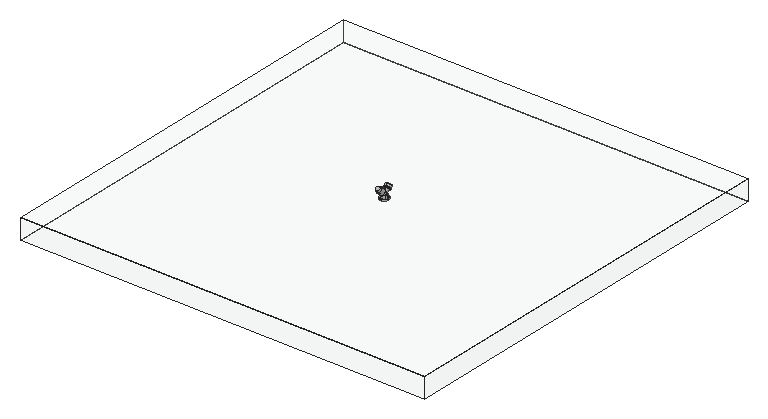
Revit family
Parameters (values of type "24P-3/4"")
  Weight Lbs = 1
  Waste Connection = no
  Wall Flange Diameter = 0' - 2"
  Vent Connection = no
  URL = "http://www.woodfordmfg.com/woodford/Wall_Hyd_Pages/model-24.html"
  Single Check Vacuum Breaker = "ASSE 1011"
  Polished Brass (PB) (Optional) = ""
  Overall Faucet length = 0' - 3"
  Overall Faucet Height = 0' - 4"
  Outlet = "3/4\" Male Hose Thread"
  Model = "24P-3/4"
  Max Temperature = "120º -F"
  Max Pressure = 125.00 psi
  Manufacturer = "Woodford Manufacturing Company"
  Inlets = "3/4\" Female Pipe Thread"
  HW Connection = yes
  GPM = "13.8 @ 100 psi"
  Default Elevation = 4' - 0"
  Clear Polycarbonate Handle Standard = ""
  Chrome (Standard) = ""
  Catalog Sheet = "http://www.woodfordmfg.com/woodford/Wall_Hyd_PDF/24CATALOG.pdf"
  CW Connection = yes
  Brass Head Casting & Internal Parts = ""
  Brass (BR) (Optional) = ""
  Assembly Code = ""
Types (2): name | URL | Model | Inlets
  24P-1/2 | "http://www.woodfordmfg.com/woodford/Wall_Hydrant_Pages/model-24.html" | "24P-1/2" | "1/2\" Female Pipe Thread"
  24P-3/4" | "http://www.woodfordmfg.com/woodford/Wall_Hyd_Pages/model-24.html" | "24P-3/4" | "3/4\" Female Pipe Thread"
Reference planes (in)
  plane 1 "Center (Front/Back)": y = 0
  plane 2: z = 0
  plane 3 "Center (Left/Right)": x = 0
  plane 4 "Wall": z = 0
  plane 5 "Housing Base": z = 0.15625
  plane 6 "Transition": z = 0.78125
  plane 7 "Top Transition": z = 0.90625
  plane 8: z = 1.40625
  plane 9: through (0, -0.92023, 3.62582) normal (0, -0.7071, 0.7071)
  plane 10: through (0, -0.74345, 3.44904) normal (0, -0.7071, 0.7071)
  plane 11: through (0, -0.65506, 3.36065) normal (0, -0.7071, 0.7071)
  plane 12: through (0, 0.05204, 2.65355) normal (0, -0.7071, 0.7071)
  plane 13: through (0, 0.75915, 1.94644) normal (0, -0.7071, 0.7071)
  plane 14: through (0, 0.1136, 2.61606) normal (0, -0.7071, -0.7071)
  plane 15: through (0, 0.02521, 2.52768) normal (0, -0.7071, -0.7071)
  plane 16: through (0, -0.6819, 1.82057) normal (0, -0.7071, -0.7071)
  plane 17: z = 9
  plane 18: x = -2.68045
  plane 19: x = 2.68045
Forms (in)
  Extrusion 1, solid, material "Glass"
    sketch origin (0, 0, 0) x (1, 0, 0) y (0, 1, 0)
      loop
        line (-48, 48) -> (-48, -48) -> (48, -48) -> (48, 48) -> (-48, 48)
    from 0 to -4.92093
  Extrusion 2, solid, material "Chrome", detail levels fine
    sketch origin (0, 0, 0) x (-1, 0, 0) y (0, -1, 0)
      loop
        arc (-0.98921, -0.14648) -> (0, -1) -> (0.98921, -0.14648) r 1
        line (0.98921, -0.14648) -> (0.88936, -0.14648)
        arc (0.88936, -0.14648) -> (0.74288, 0) -> (0.88936, 0.14648) r 0.14648
        line (0.88936, 0.14648) -> (0.98921, 0.14648)
        arc (0.98921, 0.14648) -> (0, 1) -> (-0.98921, 0.14648) r 1
        line (-0.98921, 0.14648) -> (-0.88936, 0.14648)
        arc (-0.88936, 0.14648) -> (-0.74288, 0) -> (-0.88936, -0.14648) r 0.14648
        line (-0.88936, -0.14648) -> (-0.98921, -0.14648)
    from 0 to 0.15625
  Extrusion 3, solid, material "Chrome", detail levels fine
    sketch origin (0, 0, 0.15625) x (-1, 0, 0) y (0, -1, 0)
      loop
        arc (0.63103, 0.375) -> (0, 0.56056) -> (-0.63103, 0.375) r 1.16573
        line (-0.63103, 0.375) -> (-0.63103, 0) -> (-0.63103, -0.375)
        arc (-0.63103, -0.375) -> (0, -0.56056) -> (0.63103, -0.375) r 1.16573
        line (0.63103, -0.375) -> (0.63103, 0) -> (0.63103, 0.375)
    from 0 to 0.625
  Extrusion 4, solid, material "Chrome", detail levels fine
    sketch origin (0, 0, 0.78125) x (-1, 0, 0) y (0, -1, 0)
      loop
        circle (0, 0) r 0.54943
    from 0 to 0.125
  Blend 5, solid, material "Chrome", detail levels fine
    base sketch origin (0, 0, 0.90625) x (-1, 0, 0) y (0, -1, 0)
      loop
        circle (0, 0) r 0.54943
    top sketch origin (0, 0, 0.90625) x (-1, 0, 0) y (0, -1, 0)
      loop
        circle (0, 0) r 0.36063
    from 0 to 0.5
  Sweep 6, solid, material "Chrome", detail levels fine
    path origin (0, -0.26979, 0.05792) x (0, 0.965926, -0.258819) y (0, 0.258819, 0.965926)
      loop
        line (0.08507, 1.0536) -> (0.58507, 1.91963)
    profile origin (0, 0.43863, 1.40715) x (0, -0.707107, 0.707107) y (1, 0, 0)
      loop
        circle (0, 0) r 0.4375
  Sweep 7, solid, material "Chrome", detail levels fine
    path origin (0, 0.27716, 0.06358) x (0, -0.965926, -0.258819) y (0, 0.258819, -0.965926)
      loop
        line (0.10287, -1.08442) -> (0.60287, -1.95045)
    profile origin (0, -0.45642, 1.43798) x (0, -0.707107, -0.707107) y (1, 0, 0)
      loop
        circle (0, 0) r 0.43677
  Sweep 8, solid, material "Chrome", detail levels fine
    path origin (0, 0.27716, 0.06358) x (0, 0.965926, 0.258819) y (0, -0.258819, 0.965926)
      loop
        line (-0.60287, 1.95045) -> (-1.10287, 2.81647)
    profile origin (0, -1.16353, 2.14508) x (0, -0.707107, -0.707107) y (1, 0, 0)
      loop
        circle (0, 0) r 0.625
  Sweep 9, solid, material "Chrome", detail levels fine
    path origin (0, 0.27716, 0.06358) x (0, 0.965926, 0.258819) y (0, -0.258819, 0.965926)
      loop
        line (-1.10287, 2.81647) -> (-1.16537, 2.92473)
    profile origin (0, -1.56128, 2.54283) x (0, -0.707107, -0.707107) y (1, 0, 0)
      loop
        circle (-0.02304, 0) r 0.375
  Sweep 10, solid, material "Chrome", detail levels fine
    path origin (0, 0.27716, 0.06358) x (0, 0.965926, 0.258819) y (0, -0.258819, 0.965926)
      loop
        line (-1.16537, 2.92473) -> (-1.29037, 3.14123)
    profile origin (0, -1.69386, 2.67541) x (0, -0.707107, -0.707107) y (1, 0, 0)
      loop
        circle (0, 0) r 0.5
  Sweep 11, solid, detail levels fine
    path origin (0, -0.26979, 0.05792) x (0, 0.965926, -0.258819) y (0, 0.258819, 0.965926)
      loop
        line (0.58507, 1.91963) -> (0.64757, 2.02788)
    profile origin (0, 0.83637, 1.8049) x (0, -0.707107, 0.707107) y (1, 0, 0)
      loop
        circle (0, 0) r 0.25
  Revolve 12, solid, material "Chrome"
    sketch origin (0, 0, 0) x (0, 1, 0) y (0, 0, 1)
      loop
        line (1.4109, 2.37943) -> (0.88057, 1.8491) -> (1.4109, 1.31877) -> (1.46162, 1.36949) -> (1.42263, 1.40848) -> (1.7674, 1.84977) -> (1.7674, 2.02292) -> (1.4109, 2.37943)
      axis (1.4109, 2.37943) -> (0.88057, 1.8491)
    angle from 0 to 360
Lines and regions (in)
  reference lines
    curve 1: line (0, 0.08507, 1.0536) -> (0, 2.29644, 3.26497)
    curve 2: line (0, -0.10287, 1.08442) -> (0, -2.40097, 3.38252)
  model lines, detail levels coarse+medium
    curve 3: line (0, 0, 0) -> (0, 0, 9)
    curve 4: line (-2.68045, 0, 7) -> (0, 0, 7)
    curve 5: line (2.68045, 0, 7) -> (0, 0, 7)
Dimensions and locks (in)
  plane 4 "Wall" to Extrusion 1 = 0' - 0"
  equal spacing: plane 18, plane 3 "Center (Left/Right)", plane 19
  plane 18 to plane 19 = 0' - 5.36091"
  plane 17 to level = 0' - 9"
  curve 4 to level = 0' - 7"
  curve 5 to level = 0' - 7"
  aligned and locked: plane 2 to Extrusion 1
  aligned and locked: level to Extrusion 1
  aligned and locked: plane 5 "Housing Base" to Extrusion 2
  aligned and locked: plane 6 "Transition" to Extrusion 3
  aligned and locked: plane 7 "Top Transition" to Extrusion 4
  aligned and locked: plane 8 to Blend 5
  aligned and locked: Revolve 12 sketch curve to curve 1  (x2)
Automatic sketch dimensions
  plane 18 to curve 4 = 0' - 0"
  curve 3 to plane 3 "Center (Left/Right)" = 0' - 0"
  plane 19 to curve 5 = 0' - 0"
  curve 3 to level = 0' - 0"
  curve 3 to plane 17 = 0' - 0"
  Extrusion 1 sketch curve to Extrusion 1 sketch curve = 8' - 0"  (x2)
  Extrusion 2 sketch curve to Extrusion 2 sketch curve = 0' - 0"  (x2)
  plane 1 "Center (Front/Back)" to Extrusion 2 sketch curve = 0' - 0"  (x3)
  Extrusion 2 sketch curve to plane 3 "Center (Left/Right)" = 0' - 0"
  Extrusion 2 sketch curve to plane 1 "Center (Front/Back)" = 0' - 0.14648"
  plane 3 "Center (Left/Right)" to Extrusion 2 sketch curve = 0' - 0.88936"
  Extrusion 2 sketch curve to Extrusion 2 sketch curve = 0' - 0.09986"  (x3)
  plane 1 "Center (Front/Back)" to Extrusion 2 sketch curve = 0' - 0.14648"
  plane 1 "Center (Front/Back)" to Extrusion 3 sketch curve = 0' - 0"  (x2)
  Extrusion 3 sketch curve to plane 3 "Center (Left/Right)" = 0' - 0"  (x2)
  plane 1 "Center (Front/Back)" to Extrusion 3 sketch curve = 0' - 0 3/8"
  plane 3 "Center (Left/Right)" to Extrusion 3 sketch curve = 0' - 0.63103"
  Extrusion 3 sketch curve to plane 3 "Center (Left/Right)" = 0' - 0.63103"
  Extrusion 3 sketch curve to plane 1 "Center (Front/Back)" = 0' - 0 3/8"
  Extrusion 3 sketch curve to plane 1 "Center (Front/Back)" = 0' - 0.60517"
  plane 1 "Center (Front/Back)" to Extrusion 3 sketch curve = 0' - 0.60517"
  plane 1 "Center (Front/Back)" to Extrusion 4 sketch curve = 0' - 0"
  Extrusion 4 sketch curve to plane 3 "Center (Left/Right)" = 0' - 0"
  plane 1 "Center (Front/Back)" to Blend 5 sketch curve = 0' - 0"  (x2)
  Blend 5 sketch curve to plane 3 "Center (Left/Right)" = 0' - 0"  (x2)
  plane 16 to Sweep 6 sketch curve = 0' - 0"
  plane 15 to Sweep 6 sketch curve = 0' - 0"
  Sweep 6 sketch curve to plane 1 "Center (Front/Back)" = 0' - 0.08507"
  Sweep 6 sketch curve to Sweep 6 sketch curve = 0' - 0 1/2"
  Sweep 6 sketch curve to profile plane = 0' - 0"  (x2)
  Sweep 7 sketch curve to plane 13 = 0' - 0"
  Sweep 7 sketch curve to plane 12 = 0' - 0"
  plane 1 "Center (Front/Back)" to Sweep 7 sketch curve = 0' - 0.10287"
  Sweep 7 sketch curve to Sweep 7 sketch curve = 0' - 0 1/2"
  Sweep 7 sketch curve to profile plane = 0' - 0"  (x2)
  Sweep 8 sketch curve to plane 11 = 0' - 0"
  Sweep 8 sketch curve to plane 12 = 0' - 0"
  plane 16 to Sweep 8 sketch curve = 0' - 0.1111"
  Sweep 8 sketch curve to Sweep 8 sketch curve = 0' - 0 1/2"
  Sweep 8 sketch curve to profile plane = 0' - 0"  (x2)
  Sweep 9 sketch curve to plane 10 = 0' - 0"
  Sweep 9 sketch curve to plane 11 = 0' - 0"
  plane 16 to Sweep 9 sketch curve = 0' - 0.1111"
  Sweep 9 sketch curve to Sweep 9 sketch curve = 0' - 0 1/16"
  Sweep 9 sketch curve to profile plane = 0' - 0"
  profile plane to Sweep 9 sketch curve = 0' - 0.02304"
  Sweep 10 sketch curve to plane 9 = 0' - 0"
  Sweep 10 sketch curve to plane 10 = 0' - 0"
  plane 16 to Sweep 10 sketch curve = 0' - 0.1111"
  Sweep 10 sketch curve to Sweep 10 sketch curve = 0' - 0 1/8"
  Sweep 10 sketch curve to profile plane = 0' - 0"  (x2)
  plane 15 to Sweep 11 sketch curve = 0' - 0"
  plane 14 to Sweep 11 sketch curve = 0' - 0"
  Sweep 11 sketch curve to plane 13 = 0' - 0.15469"
  Sweep 11 sketch curve to Sweep 11 sketch curve = 0' - 0 1/16"
  Sweep 11 sketch curve to profile plane = 0' - 0"  (x2)
  curve 2 to plane 13 = 0' - 0"
  plane 16 to curve 1 = 0' - 0"
  plane 1 "Center (Front/Back)" to curve 2 = 0' - 2.40097"
  plane 1 "Center (Front/Back)" to curve 2 = 0' - 0.10287"
  curve 1 to plane 1 "Center (Front/Back)" = 0' - 0.08507"
  curve 1 to plane 1 "Center (Front/Back)" = 0' - 2.29644"
  plane 8 to curve 1 = 0' - 1.85872"
  plane 8 to curve 2 = 0' - 1.97627"
  Revolve 12 sketch curve to Revolve 12 sketch curve = 0' - 0"  (x2)
  Revolve 12 sketch curve to plane 8 = 0' - 0.08748"
  Revolve 12 sketch curve to Revolve 12 sketch curve = 0' - 0.53033"  (x2)
  plane 8 to Revolve 12 sketch curve = 0' - 0.00223"
  Revolve 12 sketch curve to Revolve 12 sketch curve = 0' - 0 3/256"
  Revolve 12 sketch curve to Revolve 12 sketch curve = 0' - 0.35651"
  Revolve 12 sketch curve to Revolve 12 sketch curve = 0' - 0.17315"
  radius of Extrusion 4 sketch curve = 0' - 0.54943"
  radius of Blend 5 sketch curve = 0' - 0.54943"
  radius of Blend 5 sketch curve = 0' - 0.36063"
  radius of Sweep 6 sketch curve = 0' - 0 7/16"
  radius of Sweep 7 sketch curve = 0' - 0.43677"
  radius of Sweep 8 sketch curve = 0' - 0 5/8"
  radius of Sweep 9 sketch curve = 0' - 0 3/8"
  radius of Sweep 10 sketch curve = 0' - 0 1/2"
  radius of Sweep 11 sketch curve = 0' - 0 1/4"
Connectors (in)
  piping at (0, 0, 0)
    settings: on Extrusion 2, index 1, connector radius 3/8", flow factor 0, pipe flow 14 GPM, pressure drop 100.00 psi, fitting loss kfactor 0, connector angle 0.00°, fixture units 0, flow configuration 1, flow direction 1, fitting loss method 4, system type 20, connector reference index -1, connector utility 0, adjustable connector no, is connector primary yes, fitting loss table "", connector description ""
